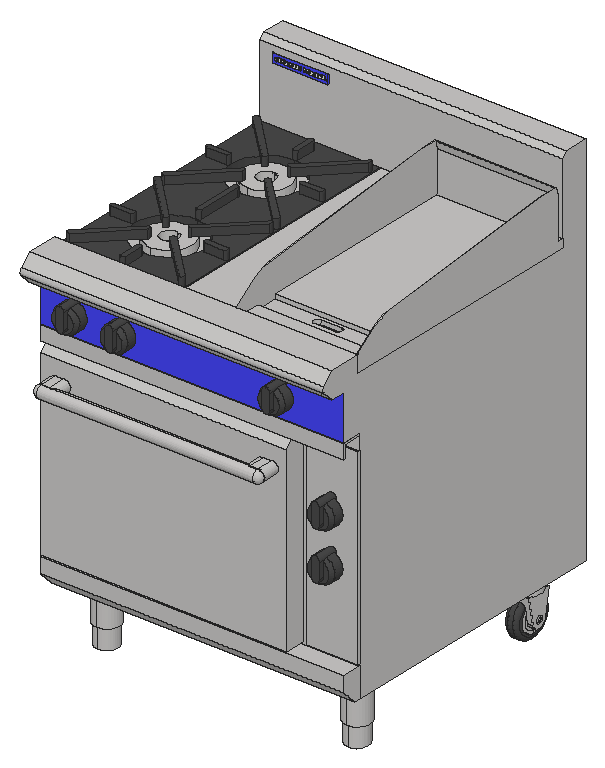
Revit family "QF_MOFFAT_BLUESEAL_CE_GE505C", category Specialty Equipment, Revit 2012
Parameters
  Width = 750 mm  # constant formula
  Weight in Pounds = 401
  Watts = 5500 W
  Volts = 400 V
  URL Cutsheet = "www.moffat.com"
  URL = "www.moffat.com"
  Type Mark [instance] = ""
  Status [instance] = ""
  Specification by User [instance] = ""
  Specification by Manufacturer = ""
  Show Logo [instance] = yes
  Show Clearance [instance] = yes
  Show Casters [instance] = yes
  Serial Number = ""
  Seismic Rating = ""
  SMACNA No = ""
  Revision Code [instance] = ""
  Phase = 3
  Omniclass Number and Title = ""
  Number of Poles [instance] = 1
  NAFEM Spec ID Number = ""
  Model = "GE505C"
  Min Ckt Ampacity = 0 A
  Mechanical Remarks [instance] = ""
  Mechanical Connection Type [instance] = ""
  Max Overcurrent Protection = 0 A
  Masterspec = ""
  Manufacturer = "MOFFAT BLUESEAL"
  Legs [instance] = not(Show Casters)  # no
  Item Number [instance] = ""
  Installed By [instance] = ""
  Identify Quantity as Lot [instance] = yes
  Height = 1085 mm  # constant formula
  HP = ""
  Gas Size = 3/4"
  Gas RI Height [instance] = 0 mm
  Gas KW [instance] = 21.1
  Gas Input [instance] = 72034.0 Btu/h
  Gas Connection Height = 0 mm
  Furnished By [instance] = ""
  Foodservice Equipment Identifier [instance] = yes
  FL Amps = 7.8 A
  Electrical Remarks = "7.8A PER PHASE"
  Electric Connection Type = ""
  Elec Conn RI Height = 0 mm
  Elec Conn Connection Height = 0 mm
  Description = "750MM GAS RANGE WITH ELECTRIC STATIC OVEN"
  Depth = 812 mm  # constant formula
  Cycle = 50 Hz
  Conn Plug = ""
  Conn Conduit = yes
  CSI MasterFormat = ""
  CSI Master Format = ""
  Apparent Power = 0 VA
Reference planes
  plane 1 "BACK": y = 0
  plane 2: z = 0
  plane 3 "LEFT": x = 0
  plane 4 "RIGHT": x = 750
  plane 5 "FRONT": y = -812
  plane 6 "TOP": z = 970
  plane 7 "Center Y": x = 375
  plane 8 "Center X": y = -406
  plane 9: y = -100
  plane 10 "Base Height": z = 150
  plane 11: x = 65.8
  plane 12: x = 620
  plane 13: x = 685
  plane 14: y = -500
  plane 15: x = 676
  plane 16: z = 1085
Forms (mm)
  Extrusion 1, solid, material "QF_Finishes_Stainless Steel"
    sketch origin (0, 0, 0) x (0, 1, 0) y (0, 0, 1)
      loop
        line (-784.97, 850) -> (-749, 850) -> (-749, 740) -> (-699, 740) -> (-699, 150) -> (0, 150) -> (0, 1085) -> (-57.5, 1085) -> (-70, 1072.5) -> (-70, 875) -> (-705, 875) -> (-705, 915) -> (-783.97, 915) -> (-808.469, 890.501)
        arc (-808.469, 890.501) -> (-811.99, 882) -> (-808.469, 873.499) r 12.022
        line (-808.469, 873.499) -> (-784.97, 850)
    from 0 to 750
  Extrusion 2, solid, material "QF_Finishes_Stainless Steel"
    sketch origin (555.062, 3, 100) x (1, 0, 0) y (0, 1, 0)
      loop
        circle (65, -35) r 13.5
    from 555 to 640
  Revolve 3, solid, material "QF_Finishes_Stainless Steel"
    sketch origin (65, -728, 0) x (0, 1, 0) y (0, 0, 1)
      loop
        line (71.25, 150) -> (71.25, 50) -> (75.5, 50) -> (75.5, 0) -> (103, 0) -> (103, 150) -> (71.25, 150)
      axis (103, 150) -> (103, 0)
    angle from 0 to 360
  Extrusion 4, solid, material "QF_Finishes_Black"
    sketch origin (0, -70, 875) x (0, -1, 0) y (1, 0, 0)
      loop
        arc (1, 4) -> (1.879, 1.879) -> (4, 1) r 3
        line (4, 1) -> (632, 1)
        arc (632, 1) -> (634.121, 1.879) -> (635, 4) r 3
        line (635, 4) -> (635, 297)
        arc (635, 297) -> (634.121, 299.121) -> (632, 300) r 3
        line (632, 300) -> (4, 300)
        arc (4, 300) -> (1.879, 299.121) -> (1, 297) r 3
        line (1, 297) -> (1, 4)
      loop
        circle (167.5, 150) r 85
      loop
        circle (467.768, 150) r 85
    from 0 to 19.5
  Extrusion 5, solid, material "QF_Finishes_Black"
    sketch origin (0, -73.5, 894.5) x (0, -1, 0) y (1, 0, 0)
      loop
        spline (323.602, 15.153) -> (322.681, 13.924) -> (322.131, 12.47) -> (321.99, 10.89) -> (322.267, 9.292) -> (322.943, 7.786) -> (323.973, 6.473) -> (325.286, 5.443) -> (326.792, 4.767) -> (328.39, 4.49) -> (329.97, 4.631) -> (331.424, 5.181) -> (332.653, 6.102)
        line (332.653, 6.102) -> (440.576, 114.025)
        spline (440.576, 114.025) -> (441.337, 115.095) -> (441.738, 116.399) -> (441.751, 117.851) -> (441.375, 119.35) -> (440.637, 120.795) -> (439.586, 122.086) -> (438.295, 123.137) -> (436.85, 123.875) -> (435.351, 124.251) -> (433.899, 124.238) -> (432.595, 123.837) -> (431.525, 123.076)
        line (431.525, 123.076) -> (323.602, 15.153)
      loop
        spline (371.852, 143.6) -> (373.146, 143.818) -> (374.352, 144.457) -> (375.388, 145.475) -> (376.182, 146.8) -> (376.682, 148.344) -> (376.852, 150) -> (376.682, 151.656) -> (376.182, 153.2) -> (375.388, 154.525) -> (374.352, 155.543) -> (373.146, 156.182) -> (371.852, 156.4)
        line (371.852, 156.4) -> (259.398, 156.4)
        spline (259.398, 156.4) -> (258.104, 156.182) -> (256.898, 155.543) -> (255.862, 154.525) -> (255.068, 153.2) -> (254.568, 151.656) -> (254.398, 150) -> (254.568, 148.344) -> (255.068, 146.8) -> (255.862, 145.475) -> (256.898, 144.457) -> (258.104, 143.818) -> (259.398, 143.6)
        line (259.398, 143.6) -> (371.852, 143.6)
      loop
        line (311.398, 15.153) -> (203.475, 123.076)
        spline (203.475, 123.076) -> (202.405, 123.837) -> (201.101, 124.238) -> (199.649, 124.251) -> (198.15, 123.875) -> (196.705, 123.137) -> (195.414, 122.086) -> (194.363, 120.795) -> (193.625, 119.35) -> (193.249, 117.851) -> (193.262, 116.399) -> (193.663, 115.095) -> (194.424, 114.025)
        line (194.424, 114.025) -> (302.347, 6.102)
        spline (302.347, 6.102) -> (303.416, 5.341) -> (304.721, 4.941) -> (306.172, 4.928) -> (307.671, 5.303) -> (309.116, 6.041) -> (310.408, 7.092) -> (311.459, 8.384) -> (312.197, 9.829) -> (312.572, 11.328) -> (312.559, 12.779) -> (312.159, 14.084) -> (311.398, 15.153)
      loop
        line (323.602, 284.847) -> (431.525, 176.924)
        spline (431.525, 176.924) -> (432.595, 176.163) -> (433.899, 175.762) -> (435.351, 175.749) -> (436.85, 176.125) -> (438.295, 176.863) -> (439.586, 177.914) -> (440.637, 179.205) -> (441.375, 180.65) -> (441.751, 182.149) -> (441.738, 183.601) -> (441.337, 184.905) -> (440.576, 185.975)
        line (440.576, 185.975) -> (332.653, 293.898)
        spline (332.653, 293.898) -> (331.424, 294.819) -> (329.97, 295.369) -> (328.39, 295.51) -> (326.792, 295.233) -> (325.286, 294.557) -> (323.973, 293.527) -> (322.943, 292.214) -> (322.267, 290.708) -> (321.99, 289.11) -> (322.131, 287.53) -> (322.681, 286.076) -> (323.602, 284.847)
      loop
        spline (311.398, 284.847) -> (312.159, 285.916) -> (312.559, 287.221) -> (312.572, 288.672) -> (312.197, 290.171) -> (311.459, 291.616) -> (310.408, 292.908) -> (309.116, 293.959) -> (307.671, 294.697) -> (306.172, 295.072) -> (304.721, 295.059) -> (303.416, 294.659) -> (302.347, 293.898)
        line (302.347, 293.898) -> (194.424, 185.975)
        spline (194.424, 185.975) -> (193.663, 184.905) -> (193.262, 183.601) -> (193.249, 182.149) -> (193.625, 180.65) -> (194.363, 179.205) -> (195.414, 177.914) -> (196.705, 176.863) -> (198.15, 176.125) -> (199.649, 175.749) -> (201.101, 175.762) -> (202.405, 176.163) -> (203.475, 176.924)
        line (203.475, 176.924) -> (311.398, 284.847)
      loop
        spline (73.549, 143.6) -> (74.844, 143.818) -> (76.049, 144.457) -> (77.085, 145.475) -> (77.88, 146.8) -> (78.379, 148.344) -> (78.549, 150) -> (78.379, 151.656) -> (77.88, 153.2) -> (77.085, 154.525) -> (76.049, 155.543) -> (74.844, 156.182) -> (73.549, 156.4)
        line (73.549, 156.4) -> (25.093, 156.4)
        spline (25.093, 156.4) -> (23.799, 156.182) -> (22.593, 155.543) -> (21.558, 154.525) -> (20.763, 153.2) -> (20.264, 151.656) -> (20.093, 150) -> (20.264, 148.344) -> (20.763, 146.8) -> (21.558, 145.475) -> (22.593, 144.457) -> (23.799, 143.818) -> (25.093, 143.6)
        line (25.093, 143.6) -> (73.549, 143.6)
      loop
        spline (608.1, 143.6) -> (609.394, 143.818) -> (610.6, 144.457) -> (611.636, 145.475) -> (612.43, 146.8) -> (612.93, 148.344) -> (613.1, 150) -> (612.93, 151.656) -> (612.43, 153.2) -> (611.636, 154.525) -> (610.6, 155.543) -> (609.394, 156.182) -> (608.1, 156.4)
        line (608.1, 156.4) -> (558.644, 156.4)
        spline (558.644, 156.4) -> (557.35, 156.182) -> (556.144, 155.543) -> (555.108, 154.525) -> (554.314, 153.2) -> (553.814, 151.656) -> (553.644, 150) -> (553.814, 148.344) -> (554.314, 146.8) -> (555.108, 145.475) -> (556.144, 144.457) -> (557.35, 143.818) -> (558.644, 143.6)
        line (558.644, 143.6) -> (608.1, 143.6)
      loop
        spline (457.6, 10.156) -> (457.818, 8.862) -> (458.457, 7.656) -> (459.475, 6.62) -> (460.8, 5.826) -> (462.344, 5.326) -> (464, 5.156) -> (465.656, 5.326) -> (467.2, 5.826) -> (468.525, 6.62) -> (469.543, 7.656) -> (470.182, 8.862) -> (470.4, 10.156)
        line (470.4, 10.156) -> (470.4, 58.612)
        spline (470.4, 58.612) -> (470.182, 59.906) -> (469.543, 61.112) -> (468.525, 62.148) -> (467.2, 62.942) -> (465.656, 63.442) -> (464, 63.612) -> (462.344, 63.442) -> (460.8, 62.942) -> (459.475, 62.148) -> (458.457, 61.112) -> (457.818, 59.906) -> (457.6, 58.612)
        line (457.6, 58.612) -> (457.6, 10.156)
      loop
        spline (160.966, 10.156) -> (161.184, 8.862) -> (161.823, 7.656) -> (162.841, 6.62) -> (164.166, 5.826) -> (165.71, 5.326) -> (167.366, 5.156) -> (169.022, 5.326) -> (170.566, 5.826) -> (171.892, 6.62) -> (172.909, 7.656) -> (173.548, 8.862) -> (173.766, 10.156)
        line (173.766, 10.156) -> (173.766, 58.612)
        spline (173.766, 58.612) -> (173.548, 59.906) -> (172.909, 61.112) -> (171.892, 62.148) -> (170.566, 62.942) -> (169.022, 63.442) -> (167.366, 63.612) -> (165.71, 63.442) -> (164.166, 62.942) -> (162.841, 62.148) -> (161.823, 61.112) -> (161.184, 59.906) -> (160.966, 58.612)
        line (160.966, 58.612) -> (160.966, 10.156)
      loop
        spline (457.6, 241.636) -> (457.818, 240.342) -> (458.457, 239.136) -> (459.475, 238.1) -> (460.8, 237.306) -> (462.344, 236.806) -> (464, 236.636) -> (465.656, 236.806) -> (467.2, 237.306) -> (468.525, 238.1) -> (469.543, 239.136) -> (470.182, 240.342) -> (470.4, 241.636)
        line (470.4, 241.636) -> (470.4, 290.092)
        spline (470.4, 290.092) -> (470.182, 291.386) -> (469.543, 292.592) -> (468.525, 293.628) -> (467.2, 294.422) -> (465.656, 294.922) -> (464, 295.092) -> (462.344, 294.922) -> (460.8, 294.422) -> (459.475, 293.628) -> (458.457, 292.592) -> (457.818, 291.386) -> (457.6, 290.092)
        line (457.6, 290.092) -> (457.6, 241.636)
      loop
        spline (160.966, 241.636) -> (161.184, 240.342) -> (161.823, 239.136) -> (162.841, 238.1) -> (164.166, 237.306) -> (165.71, 236.806) -> (167.366, 236.636) -> (169.022, 236.806) -> (170.566, 237.306) -> (171.892, 238.1) -> (172.909, 239.136) -> (173.548, 240.342) -> (173.766, 241.636)
        line (173.766, 241.636) -> (173.766, 290.092)
        spline (173.766, 290.092) -> (173.548, 291.386) -> (172.909, 292.592) -> (171.892, 293.628) -> (170.566, 294.422) -> (169.022, 294.922) -> (167.366, 295.092) -> (165.71, 294.922) -> (164.166, 294.422) -> (162.841, 293.628) -> (161.823, 292.592) -> (161.184, 291.386) -> (160.966, 290.092)
        line (160.966, 290.092) -> (160.966, 241.636)
      loop
        line (604.398, 15.153) -> (496.475, 123.076)
        spline (496.475, 123.076) -> (495.405, 123.837) -> (494.101, 124.238) -> (492.649, 124.251) -> (491.15, 123.875) -> (489.705, 123.137) -> (488.414, 122.086) -> (487.363, 120.795) -> (486.625, 119.35) -> (486.249, 117.851) -> (486.262, 116.399) -> (486.663, 115.095) -> (487.424, 114.025)
        line (487.424, 114.025) -> (595.347, 6.102)
        spline (595.347, 6.102) -> (596.576, 5.181) -> (598.03, 4.631) -> (599.61, 4.49) -> (601.208, 4.767) -> (602.714, 5.443) -> (604.027, 6.473) -> (605.057, 7.786) -> (605.733, 9.292) -> (606.01, 10.89) -> (605.869, 12.47) -> (605.319, 13.924) -> (604.398, 15.153)
      loop
        spline (604.398, 284.847) -> (605.319, 286.076) -> (605.869, 287.53) -> (606.01, 289.11) -> (605.733, 290.708) -> (605.057, 292.214) -> (604.027, 293.527) -> (602.714, 294.557) -> (601.208, 295.233) -> (599.61, 295.51) -> (598.03, 295.369) -> (596.576, 294.819) -> (595.347, 293.898)
        line (595.347, 293.898) -> (487.424, 185.975)
        spline (487.424, 185.975) -> (486.663, 184.905) -> (486.262, 183.601) -> (486.249, 182.149) -> (486.625, 180.65) -> (487.363, 179.205) -> (488.414, 177.914) -> (489.705, 176.863) -> (491.15, 176.125) -> (492.649, 175.749) -> (494.101, 175.762) -> (495.405, 176.163) -> (496.475, 176.924)
        line (496.475, 176.924) -> (604.398, 284.847)
      loop
        spline (16.602, 15.153) -> (15.841, 14.084) -> (15.441, 12.779) -> (15.428, 11.328) -> (15.803, 9.829) -> (16.541, 8.384) -> (17.592, 7.092) -> (18.884, 6.041) -> (20.329, 5.303) -> (21.828, 4.928) -> (23.279, 4.941) -> (24.584, 5.341) -> (25.653, 6.102)
        line (25.653, 6.102) -> (133.576, 114.025)
        spline (133.576, 114.025) -> (134.337, 115.095) -> (134.738, 116.399) -> (134.751, 117.851) -> (134.375, 119.35) -> (133.637, 120.795) -> (132.586, 122.086) -> (131.295, 123.137) -> (129.85, 123.875) -> (128.351, 124.251) -> (126.899, 124.238) -> (125.595, 123.837) -> (124.525, 123.076)
        line (124.525, 123.076) -> (16.602, 15.153)
      loop
        line (16.602, 284.847) -> (124.525, 176.924)
        spline (124.525, 176.924) -> (125.595, 176.163) -> (126.899, 175.762) -> (128.351, 175.749) -> (129.85, 176.125) -> (131.295, 176.863) -> (132.586, 177.914) -> (133.637, 179.205) -> (134.375, 180.65) -> (134.751, 182.149) -> (134.738, 183.601) -> (134.337, 184.905) -> (133.576, 185.975)
        line (133.576, 185.975) -> (25.653, 293.898)
        spline (25.653, 293.898) -> (24.584, 294.659) -> (23.279, 295.059) -> (21.828, 295.072) -> (20.329, 294.697) -> (18.884, 293.959) -> (17.592, 292.908) -> (16.541, 291.616) -> (15.803, 290.171) -> (15.428, 288.672) -> (15.441, 287.221) -> (15.841, 285.916) -> (16.602, 284.847)
    from 0 to 20.5
  Revolve 6, solid, material "QF_Finishes_Stainless Steel"
    sketch origin (685, -728, 0) x (0, 1, 0) y (0, 0, -1)
      loop
        line (71.25, -150) -> (103, -150) -> (103, 0) -> (75.5, 0) -> (75.5, -50) -> (71.25, -50) -> (71.25, -150)
      axis (103, -150) -> (103, 0)
    angle from 0 to 360
  Extrusion 7, solid, material "QF_Finishes_Stainless Steel"
    sketch origin (0, -70, 875) x (0, -1, 0) y (1, 0, 0)
      loop
        line (634, 300) -> (634, 450) -> (0, 450) -> (0, 300) -> (634, 300)
    from 0 to 19.5
  Extrusion 8, void
    sketch origin (0, -749, 227.5) x (0, 0, -1) y (-1, 0, 0)
      loop
        line (-465, -610) -> (-465, -625) -> (0, -625) -> (0, -610) -> (-465, -610)
    from 0 to 50
  Revolve 9, solid, material "QF_Finishes_Black"
    sketch origin (210, 7, 758.895) x (0, -1, 0) y (0, 0, 1)
      loop
        line (789, 69.605) -> (766, 69.605) -> (766, 42.105) -> (756, 42.105) -> (756, 37.105) -> (800, 37.105) -> (800, 63.757) -> (789, 69.605)
      axis (800, 37.105) -> (756, 37.105)
    angle from 0 to 360
  Revolve 10, solid, material "QF_Finishes_Black"
    sketch origin (89.999, 7, 758.768) x (0, 1, 0) y (0, 0, -1)
      loop
        line (-789, -69.5) -> (-766, -69.5) -> (-766, -42) -> (-756, -42) -> (-756, -37) -> (-800, -37) -> (-800, -63.651) -> (-789, -69.5)
      axis (-800, -37) -> (-756, -37)
    angle from 0 to 360
  Extrusion 11, solid, material "QF_Finishes_Black"
    sketch origin (228.269, 7, 758.926) x (-1, 0, 0) y (0, 0, -1)
      loop
        arc (148.269, -24.969) -> (138.269, -14.969) -> (128.269, -24.969) r 10
        line (128.269, -24.969) -> (128.269, -63.969)
        arc (128.269, -63.969) -> (138.269, -73.969) -> (148.269, -63.969) r 10
        line (148.269, -63.969) -> (148.269, -24.969)
    from 759 to 808
  Extrusion 12, solid, material "QF_Finishes_Black"
    sketch origin (349.45, 7, 758.926) x (-1, 0, 0) y (0, 0, -1)
      loop
        arc (148.269, -24.969) -> (138.269, -14.969) -> (128.269, -24.969) r 10
        line (128.269, -24.969) -> (128.269, -63.969)
        arc (128.269, -63.969) -> (138.269, -73.969) -> (148.269, -63.969) r 10
        line (148.269, -63.969) -> (148.269, -24.969)
    from 759 to 808
  Revolve 13, solid, material "QF_Finishes_Black"
    sketch origin (600, 7, 758.895) x (0, -1, 0) y (0, 0, -1)
      loop
        line (789, -69.605) -> (800, -63.757) -> (800, -37.105) -> (756, -37.105) -> (756, -42.105) -> (766, -42.105) -> (766, -69.605) -> (789, -69.605)
      axis (800, -37.105) -> (756, -37.105)
    angle from 0 to 360
  Extrusion 14, solid, material "QF_Finishes_Black"
    sketch origin (461.731, 7, 758.926) x (1, 0, 0) y (0, 0, 1)
      loop
        line (148.269, 24.969) -> (148.269, 63.969)
        arc (148.269, 63.969) -> (138.269, 73.969) -> (128.269, 63.969) r 10
        line (128.269, 63.969) -> (128.269, 24.969)
        arc (128.269, 24.969) -> (138.269, 14.969) -> (148.269, 24.969) r 10
    from 759 to 808
  Revolve 15, solid, material "QF_Finishes_Black"
    sketch origin (687.53, 51.5, 355.134) x (0, 1, 0) y (0, 0, 1)
      loop
        line (-789, 229.5) -> (-800, 223.651) -> (-800, 197) -> (-756, 197) -> (-756, 202) -> (-766, 202) -> (-766, 229.5) -> (-789, 229.5)
      axis (-800, 197) -> (-756, 197)
    angle from 0 to 360
  Extrusion 16, solid, material "QF_Finishes_Black"
    sketch origin (549.26, 51.5, 355.292) x (1, 0, 0) y (0, 0, 1)
      loop
        line (148.269, 184.969) -> (148.269, 223.969)
        arc (148.269, 223.969) -> (138.269, 233.969) -> (128.269, 223.969) r 10
        line (128.269, 223.969) -> (128.269, 184.969)
        arc (128.269, 184.969) -> (138.269, 174.969) -> (148.269, 184.969) r 10
    from 759 to 808
  Extrusion 17, solid, material "QF_Door-Drawer Clearances", visible <- "Show Clearance", detail levels coarse
    sketch origin (0, 7, 0) x (0, -1, 0) y (0, 0, 1)
      loop
        line (756, 690.016) -> (756, 227.5) -> (1218.516, 227.5)
        arc (1218.516, 227.5) -> (1083.048, 554.548) -> (756, 690.016) r 462.516
    from 0 to -610
  Extrusion 18, void
    sketch origin (0, 0, 150) x (-1, 0, 0) y (0, -1, 0)
      loop
        line (-681, 87.26) -> (-681, -30.24) -> (-551.5, -30.24) -> (-551.5, 38.76) -> (-600, 87.26) -> (-681, 87.26)
    from 72.5 to 590
  Extrusion 19, void
    sketch origin (35, -740, 227.5) x (0, 0, -1) y (-1, 0, 0)
      loop
        line (-472.5, -590) -> (-472.5, -715) -> (0, -715) -> (0, -590) -> (-472.5, -590)
    from -9 to 35
  Extrusion 20, solid, material "QF_Finishes_Stainless Steel"
    sketch origin (0, -70, 875) x (0, -1, 0) y (1, 0, 0)
      loop
        circle (467.5, 150) r 57
      loop
        circle (167.5, 150) r 57
      loop
        circle (467.5, 150) r 22
      loop
        circle (167.5, 150) r 22
    from 0 to 19.5
  Extrusion 21, solid, material "QF_Finishes_Stainless Steel"
    sketch origin (0, -749, 227.5) x (0, 0, 1) y (-1, 0, 0)
      loop
        line (380.625, -38.246) -> (380.625, -58.528)
        arc (380.625, -58.528) -> (395.625, -73.528) -> (410.625, -58.528) r 15
        line (410.625, -58.528) -> (410.625, -38.246)
        arc (410.625, -38.246) -> (395.625, -23.246) -> (380.625, -38.246) r 15
      loop
        arc (380.625, -573.039) -> (395.625, -588.039) -> (410.625, -573.039) r 15
        line (410.625, -573.039) -> (410.625, -552.757)
        arc (410.625, -552.757) -> (395.625, -537.757) -> (380.625, -552.757) r 15
        line (380.625, -552.757) -> (380.625, -573.039)
    from 0 to 44
  Revolve 22, solid, material "QF_Finishes_Stainless Steel"
    sketch origin (0, -793, 0) x (1, 0, 0) y (0, 0, 1)
      loop
        arc (588.039, 623.125) -> (583.646, 633.732) -> (573.039, 638.125) r 15
        line (573.039, 638.125) -> (38.246, 638.125)
        arc (38.246, 638.125) -> (27.64, 633.732) -> (23.246, 623.125) r 15
        line (23.246, 623.125) -> (588.039, 623.125)
      axis (588.039, 623.125) -> (23.246, 623.125)
    angle from 0 to 360
  Extrusion 23, solid, material "QF_Finishes_Stainless Steel"
    sketch origin (0, 9, 0) x (0, 1, 0) y (0, 0, 1)
      loop
        line (-708, 227.5) -> (-708, 700) -> (-734, 700) -> (-758, 676) -> (-758, 227.5) -> (-708, 227.5)
    from 0 to 750
  Extrusion 24, solid, material "QF_Finishes_Stainless Steel"
    sketch origin (0, 7, 0) x (0, 1, 0) y (0, 0, 1)
      loop
        line (-756, 738) -> (-756, 703) -> (-752.98, 703) -> (-752.98, 735) -> (-708, 735) -> (-708, 738) -> (-756, 738)
    from 0 to 750
  Extrusion 25, solid, material "QF_Finishes_Stainless Steel"
    sketch origin (0, 9, 0) x (0, 1, 0) y (0, 0, 1)
      loop
        line (-708, 222.5) -> (-758, 222.5) -> (-758, 186) -> (-722, 150) -> (-708, 150) -> (-708, 222.5)
    from 0 to 750
  Extrusion 26, solid, material "QF_Finishes_Stainless Steel"
    sketch origin (0, 0, 150) x (-1, 0, 0) y (0, -1, 0)
      loop
        circle (-676, 501) r 6.35
    from 0 to -1.6
  Extrusion 27, solid, material "QF_Finishes_Stainless Steel", visible <- "Show Casters"
    sketch origin (71.501, 133.353, -8.783) x (0, 1, 0) y (0, 0, 1)
      loop
        line (-201.603, 118.783) -> (-265.103, 118.783) -> (-252.746, 53.895)
        arc (-252.746, 53.895) -> (-233.353, 38.783) -> (-213.959, 53.895) r 20
        line (-213.959, 53.895) -> (-201.603, 118.783)
    from -35.667 to 22.923
  Revolve 28, solid, material "QF_Finishes_Stainless Steel", visible <- "Show Casters"
    sketch origin (65, -203, 0) x (0, 1, 0) y (0, 0, 1)
      loop
        line (67.25, 150) -> (67.25, 110) -> (103, 110) -> (103, 150) -> (67.25, 150)
      axis (103, 150) -> (103, 110)
    angle from 0 to 360
  Revolve 29, solid, material "QF_Finishes_Stainless Steel", visible <- "Show Casters"
    sketch origin (685, -203, 0) x (0, 1, 0) y (0, 0, -1)
      loop
        line (67.25, -150) -> (103, -150) -> (103, -110) -> (67.25, -110) -> (67.25, -150)
      axis (103, -150) -> (103, -110)
    angle from 0 to 360
  Revolve 30, solid, material "QF_Finishes_Stainless Steel", visible <- "Show Casters"
    sketch origin (635.776, -99.755, -13.653) x (1, 0, 0) y (0, 0, 1)
      loop
        line (14.841, 64.453) -> (83.584, 64.453) -> (83.584, 67.958) -> (82.314, 69.228) -> (80.79, 69.228) -> (80.79, 72.674) -> (68.644, 72.674) -> (68.644, 82.639) -> (65.088, 84.692) -> (63.738, 93.028) -> (65.881, 93.028) -> (65.881, 99.378) -> (65.088, 99.378) -> (65.088, 105.728)
        arc (65.088, 105.728) -> (62.298, 112.463) -> (55.563, 115.253) r 9.525
        line (55.563, 115.253) -> (42.863, 115.253)
        arc (42.863, 115.253) -> (36.127, 112.463) -> (33.338, 105.728) r 9.525
        line (33.338, 105.728) -> (33.338, 99.378) -> (32.544, 99.378) -> (32.544, 93.028) -> (34.687, 93.028) -> (33.352, 84.781) -> (29.782, 82.719) -> (29.782, 72.674) -> (17.635, 72.674) -> (17.635, 69.228) -> (16.111, 69.228) -> (14.841, 67.958) -> (14.841, 64.453)
      axis (14.841, 64.453) -> (83.584, 64.453)
    angle from 0 to 360
  Extrusion 31, solid, material "QF_Finishes_Stainless Steel", visible <- "Show Casters"
    sketch origin (691.501, 133.353, -8.783) x (0, 1, 0) y (0, 0, 1)
      loop
        line (-201.603, 118.783) -> (-265.103, 118.783) -> (-252.746, 53.895)
        arc (-252.746, 53.895) -> (-233.353, 38.783) -> (-213.959, 53.895) r 20
        line (-213.959, 53.895) -> (-201.603, 118.783)
    from -35.667 to 22.923
  Revolve 32, solid, material "QF_Finishes_Stainless Steel", visible <- "Legs"
    sketch origin (65, -165, 0) x (0, 1, 0) y (0, 0, 1)
      loop
        line (33.25, 150) -> (33.25, 50) -> (37.5, 50) -> (37.5, 0) -> (65, 0) -> (65, 150) -> (33.25, 150)
      axis (65, 150) -> (65, 0)
    angle from 0 to 360
  Revolve 33, solid, material "QF_Finishes_Stainless Steel", visible <- "Legs"
    sketch origin (685, -165, 0) x (0, 1, 0) y (0, 0, -1)
      loop
        line (33.25, -150) -> (65, -150) -> (65, 0) -> (37.5, 0) -> (37.5, -50) -> (33.25, -50) -> (33.25, -150)
      axis (65, -150) -> (65, 0)
    angle from 0 to 360
  Revolve 34, solid, material "QF_Finishes_Stainless Steel", visible <- "Show Casters"
    sketch origin (114.224, -99.755, -13.653) x (-1, 0, 0) y (0, 0, -1)
      loop
        line (14.841, -64.453) -> (14.841, -67.958) -> (16.111, -69.228) -> (17.635, -69.228) -> (17.635, -72.674) -> (29.782, -72.674) -> (29.782, -82.719) -> (33.352, -84.781) -> (34.687, -93.028) -> (32.544, -93.028) -> (32.544, -99.378) -> (33.338, -99.378) -> (33.338, -105.728)
        arc (33.338, -105.728) -> (36.127, -112.463) -> (42.863, -115.253) r 9.525
        line (42.863, -115.253) -> (55.563, -115.253)
        arc (55.563, -115.253) -> (62.298, -112.463) -> (65.088, -105.728) r 9.525
        line (65.088, -105.728) -> (65.088, -99.378) -> (65.881, -99.378) -> (65.881, -93.028) -> (63.738, -93.028) -> (65.088, -84.692) -> (68.644, -82.639) -> (68.644, -72.674) -> (80.79, -72.674) -> (80.79, -69.228) -> (82.314, -69.228) -> (83.584, -67.958) -> (83.584, -64.453) -> (14.841, -64.453)
      axis (14.841, -64.453) -> (83.584, -64.453)
    angle from 0 to 360
  Revolve 35, solid, material "QF_Finishes_Black"
    sketch origin (687.53, 51.5, 235.134) x (0, 1, 0) y (0, 0, 1)
      loop
        line (-789, 229.5) -> (-800, 223.651) -> (-800, 197) -> (-756, 197) -> (-756, 202) -> (-766, 202) -> (-766, 229.5) -> (-789, 229.5)
      axis (-800, 197) -> (-756, 197)
    angle from 0 to 360
  Extrusion 36, solid, material "QF_Finishes_Black"
    sketch origin (549.26, 51.5, 235.292) x (1, 0, 0) y (0, 0, 1)
      loop
        line (148.269, 184.969) -> (148.269, 223.969)
        arc (148.269, 223.969) -> (138.269, 233.969) -> (128.269, 223.969) r 10
        line (128.269, 223.969) -> (128.269, 184.969)
        arc (128.269, 184.969) -> (138.269, 174.969) -> (148.269, 184.969) r 10
    from 759 to 808
Cuts and joins
  Extrusion 8, Extrusion 18, Extrusion 19 cuts Extrusion 1
  Extrusion 8, Extrusion 19 cuts Extrusion 23
Lines and regions (mm)
  Split face 1
    outline origin (0, -70, 894.5) x (0, -1, 0) y (1, 0, 0)
      loop
        circle (45.037, 327.576) r 8
  Split face 2
    outline origin (47.424, -70, 894.5) x (0, -1, 0) y (1, 0, 0)
      loop
        circle (45.037, 327.576) r 8
  Split face 3
    outline origin (750, -70, 894.5) x (0, -1, 0) y (1, 0, 0)
      loop
        circle (45.037, -327.576) r 8
  Split face 4
    outline origin (0, -104, 894.5) x (0, -1, 0) y (1, 0, 0)
      loop
        circle (45.037, 327.576) r 8
  Split face 5
    outline origin (47.424, -104, 894.5) x (0, -1, 0) y (1, 0, 0)
      loop
        circle (45.037, 327.576) r 8
  Split face 6
    outline origin (750, -104, 894.5) x (0, -1, 0) y (1, 0, 0)
      loop
        circle (45.037, -327.576) r 8
  Split face 7
    outline origin (0, -138, 894.5) x (0, -1, 0) y (1, 0, 0)
      loop
        circle (45.037, 327.576) r 8
  Split face 8
    outline origin (47.424, -138, 894.5) x (0, -1, 0) y (1, 0, 0)
      loop
        circle (45.037, 327.576) r 8
  Split face 9
    outline origin (750, -138, 894.5) x (0, -1, 0) y (1, 0, 0)
      loop
        circle (45.037, -327.576) r 8
  Split face 10
    outline origin (0, -172, 894.5) x (0, -1, 0) y (1, 0, 0)
      loop
        circle (45.037, 327.576) r 8
  Split face 11
    outline origin (47.424, -172, 894.5) x (0, -1, 0) y (1, 0, 0)
      loop
        circle (45.037, 327.576) r 8
  Split face 12
    outline origin (750, -172, 894.5) x (0, -1, 0) y (1, 0, 0)
      loop
        circle (45.037, -327.576) r 8
  Split face 13
    outline origin (0, -206, 894.5) x (0, -1, 0) y (1, 0, 0)
      loop
        circle (45.037, 327.576) r 8
  Split face 14
    outline origin (47.424, -206, 894.5) x (0, -1, 0) y (1, 0, 0)
      loop
        circle (45.037, 327.576) r 8
  Split face 15
    outline origin (750, -206, 894.5) x (0, -1, 0) y (1, 0, 0)
      loop
        circle (45.037, -327.576) r 8
  Split face 16
    outline origin (0, -240, 894.5) x (0, -1, 0) y (1, 0, 0)
      loop
        circle (45.037, 327.576) r 8
  Split face 17
    outline origin (47.424, -240, 894.5) x (0, -1, 0) y (1, 0, 0)
      loop
        circle (45.037, 327.576) r 8
  Split face 18
    outline origin (750, -240, 894.5) x (0, -1, 0) y (1, 0, 0)
      loop
        circle (45.037, -327.576) r 8
  Split face 19
    outline origin (0, -274, 894.5) x (0, -1, 0) y (1, 0, 0)
      loop
        circle (45.037, 327.576) r 8
  Split face 20
    outline origin (47.424, -274, 894.5) x (0, -1, 0) y (1, 0, 0)
      loop
        circle (45.037, 327.576) r 8
  Split face 21
    outline origin (750, -274, 894.5) x (0, -1, 0) y (1, 0, 0)
      loop
        circle (45.037, -327.576) r 8
  Split face 22
    outline origin (0, -308, 894.5) x (0, -1, 0) y (1, 0, 0)
      loop
        circle (45.037, 327.576) r 8
  Split face 23
    outline origin (47.424, -308, 894.5) x (0, -1, 0) y (1, 0, 0)
      loop
        circle (45.037, 327.576) r 8
  Split face 24
    outline origin (750, -308, 894.5) x (0, -1, 0) y (1, 0, 0)
      loop
        circle (45.037, -327.576) r 8
  Split face 25
    outline origin (0, -342, 894.5) x (0, -1, 0) y (1, 0, 0)
      loop
        circle (45.037, 327.576) r 8
  Split face 26
    outline origin (47.424, -342, 894.5) x (0, -1, 0) y (1, 0, 0)
      loop
        circle (45.037, 327.576) r 8
  Split face 27
    outline origin (750, -342, 894.5) x (0, -1, 0) y (1, 0, 0)
      loop
        circle (45.037, -327.576) r 8
  Split face 28
    outline origin (0, -376, 894.5) x (0, -1, 0) y (1, 0, 0)
      loop
        circle (45.037, 327.576) r 8
  Split face 29
    outline origin (47.424, -376, 894.5) x (0, -1, 0) y (1, 0, 0)
      loop
        circle (45.037, 327.576) r 8
  Split face 30
    outline origin (750, -376, 894.5) x (0, -1, 0) y (1, 0, 0)
      loop
        circle (45.037, -327.576) r 8
  Split face 31
    outline origin (0, -410, 894.5) x (0, -1, 0) y (1, 0, 0)
      loop
        circle (45.037, 327.576) r 8
  Split face 32
    outline origin (47.424, -410, 894.5) x (0, -1, 0) y (1, 0, 0)
      loop
        circle (45.037, 327.576) r 8
  Split face 33
    outline origin (750, -410, 894.5) x (0, -1, 0) y (1, 0, 0)
      loop
        circle (45.037, -327.576) r 8
  Split face 34
    outline origin (0, -444, 894.5) x (0, -1, 0) y (1, 0, 0)
      loop
        circle (45.037, 327.576) r 8
  Split face 35
    outline origin (47.424, -444, 894.5) x (0, -1, 0) y (1, 0, 0)
      loop
        circle (45.037, 327.576) r 8
  Split face 36
    outline origin (750, -444, 894.5) x (0, -1, 0) y (1, 0, 0)
      loop
        circle (45.037, -327.576) r 8
  Split face 37
    outline origin (0, -478, 894.5) x (0, -1, 0) y (1, 0, 0)
      loop
        circle (45.037, 327.576) r 8
  Split face 38
    outline origin (47.424, -478, 894.5) x (0, -1, 0) y (1, 0, 0)
      loop
        circle (45.037, 327.576) r 8
  Split face 39
    outline origin (750, -478, 894.5) x (0, -1, 0) y (1, 0, 0)
      loop
        circle (45.037, -327.576) r 8
  Split face 40
    outline origin (0, -512, 894.5) x (0, -1, 0) y (1, 0, 0)
      loop
        circle (45.037, 327.576) r 8
  Split face 41
    outline origin (47.424, -512, 894.5) x (0, -1, 0) y (1, 0, 0)
      loop
        circle (45.037, 327.576) r 8
  Split face 42
    outline origin (750, -512, 894.5) x (0, -1, 0) y (1, 0, 0)
      loop
        circle (45.037, -327.576) r 8
  Split face 43
    outline origin (0, -546, 894.5) x (0, -1, 0) y (1, 0, 0)
      loop
        circle (45.037, 327.576) r 8
  Split face 44
    outline origin (47.424, -546, 894.5) x (0, -1, 0) y (1, 0, 0)
      loop
        circle (45.037, 327.576) r 8
  Split face 45
    outline origin (750, -546, 894.5) x (0, -1, 0) y (1, 0, 0)
      loop
        circle (45.037, -327.576) r 8
  Split face 46
    outline origin (0, -580, 894.5) x (0, -1, 0) y (1, 0, 0)
      loop
        circle (45.037, 327.576) r 8
  Split face 47
    outline origin (47.424, -580, 894.5) x (0, -1, 0) y (1, 0, 0)
      loop
        circle (45.037, 327.576) r 8
  Split face 48
    outline origin (750, -580, 894.5) x (0, -1, 0) y (1, 0, 0)
      loop
        circle (45.037, -327.576) r 8
  Split face 49
    outline origin (0, -614, 894.5) x (0, -1, 0) y (1, 0, 0)
      loop
        circle (45.037, 327.576) r 8
  Split face 50
    outline origin (47.424, -614, 894.5) x (0, -1, 0) y (1, 0, 0)
      loop
        circle (45.037, 327.576) r 8
  Split face 51
    outline origin (750, -614, 894.5) x (0, -1, 0) y (1, 0, 0)
      loop
        circle (45.037, -327.576) r 8
  Split face 52
    outline origin (750, 0, 1085) x (-1, 0, 0) y (0, -1, 0)
      loop
        arc (485.206, 45.385) -> (476.545, 40.385) -> (476.545, 30.385) r 10
        line (476.545, 30.385) -> (480.587, 23.385)
        arc (480.587, 23.385) -> (484.247, 19.725) -> (489.247, 18.385) r 10
        line (489.247, 18.385) -> (717.206, 18.385)
        arc (717.206, 18.385) -> (725.866, 23.385) -> (725.866, 33.385) r 10
        line (725.866, 33.385) -> (721.824, 40.385)
        arc (721.824, 40.385) -> (718.164, 44.045) -> (713.164, 45.385) r 10
        line (713.164, 45.385) -> (485.206, 45.385)
  Split face 53
    outline origin (750, 0, 1085) x (-1, 0, 0) y (0, -1, 0)
      loop
        arc (35.206, 45.385) -> (26.545, 40.385) -> (26.545, 30.385) r 10
        line (26.545, 30.385) -> (30.587, 23.385)
        arc (30.587, 23.385) -> (34.247, 19.725) -> (39.247, 18.385) r 10
        line (39.247, 18.385) -> (267.206, 18.385)
        arc (267.206, 18.385) -> (275.866, 23.385) -> (275.866, 33.385) r 10
        line (275.866, 33.385) -> (271.824, 40.385)
        arc (271.824, 40.385) -> (268.164, 44.045) -> (263.164, 45.385) r 10
        line (263.164, 45.385) -> (35.206, 45.385)
  symbolic lines
    curve 1: line (0, 0, 0) -> (0, -812, 0)
    curve 2: line (750, 0, 0) -> (0, 0, 0)
    curve 3: line (750, -812, 0) -> (750, 0, 0)
    curve 4: line (0, -812, 0) -> (750, -812, 0)
    curve 5: line (750, -705, 0) -> (0, -705, 0)
    curve 6: line (0, -70, 0) -> (750, -70, 0)
    curve 7: line (0, -391, 0) -> (300, -391, 0)
    curve 8: arc (327.576, -123.037, 0) -> (335.576, -115.037, 0) -> (327.576, -107.037, 0) r 8
    curve 9: arc (327.576, -107.037, 0) -> (319.576, -115.037, 0) -> (327.576, -123.037, 0) r 8
    curve 10: arc (375, -123.037, 0) -> (383, -115.037, 0) -> (375, -107.037, 0) r 8
    curve 11: arc (375, -107.037, 0) -> (367, -115.037, 0) -> (375, -123.037, 0) r 8
    curve 12: arc (422.424, -123.037, 0) -> (430.424, -115.037, 0) -> (422.424, -107.037, 0) r 8
    curve 13: arc (422.424, -107.037, 0) -> (414.424, -115.037, 0) -> (422.424, -123.037, 0) r 8
    curve 14: arc (327.576, -157.037, 0) -> (335.576, -149.037, 0) -> (327.576, -141.037, 0) r 8
    curve 15: arc (327.576, -141.037, 0) -> (319.576, -149.037, 0) -> (327.576, -157.037, 0) r 8
    curve 16: arc (375, -157.037, 0) -> (383, -149.037, 0) -> (375, -141.037, 0) r 8
    curve 17: arc (375, -141.037, 0) -> (367, -149.037, 0) -> (375, -157.037, 0) r 8
    curve 18: arc (422.424, -157.037, 0) -> (430.424, -149.037, 0) -> (422.424, -141.037, 0) r 8
    curve 19: arc (422.424, -141.037, 0) -> (414.424, -149.037, 0) -> (422.424, -157.037, 0) r 8
    curve 20: arc (327.576, -191.037, 0) -> (335.576, -183.037, 0) -> (327.576, -175.037, 0) r 8
    curve 21: arc (327.576, -175.037, 0) -> (319.576, -183.037, 0) -> (327.576, -191.037, 0) r 8
    curve 22: arc (375, -191.037, 0) -> (383, -183.037, 0) -> (375, -175.037, 0) r 8
    curve 23: arc (375, -175.037, 0) -> (367, -183.037, 0) -> (375, -191.037, 0) r 8
    curve 24: arc (422.424, -191.037, 0) -> (430.424, -183.037, 0) -> (422.424, -175.037, 0) r 8
    curve 25: arc (422.424, -175.037, 0) -> (414.424, -183.037, 0) -> (422.424, -191.037, 0) r 8
    curve 26: arc (327.576, -225.037, 0) -> (335.576, -217.037, 0) -> (327.576, -209.037, 0) r 8
    curve 27: arc (327.576, -209.037, 0) -> (319.576, -217.037, 0) -> (327.576, -225.037, 0) r 8
    curve 28: arc (375, -225.037, 0) -> (383, -217.037, 0) -> (375, -209.037, 0) r 8
    curve 29: arc (375, -209.037, 0) -> (367, -217.037, 0) -> (375, -225.037, 0) r 8
    curve 30: arc (422.424, -225.037, 0) -> (430.424, -217.037, 0) -> (422.424, -209.037, 0) r 8
    curve 31: arc (422.424, -209.037, 0) -> (414.424, -217.037, 0) -> (422.424, -225.037, 0) r 8
    curve 32: arc (327.576, -259.037, 0) -> (335.576, -251.037, 0) -> (327.576, -243.037, 0) r 8
    curve 33: arc (327.576, -243.037, 0) -> (319.576, -251.037, 0) -> (327.576, -259.037, 0) r 8
    curve 34: arc (375, -259.037, 0) -> (383, -251.037, 0) -> (375, -243.037, 0) r 8
    curve 35: arc (375, -243.037, 0) -> (367, -251.037, 0) -> (375, -259.037, 0) r 8
    curve 36: arc (422.424, -259.037, 0) -> (430.424, -251.037, 0) -> (422.424, -243.037, 0) r 8
    curve 37: arc (422.424, -243.037, 0) -> (414.424, -251.037, 0) -> (422.424, -259.037, 0) r 8
    curve 38: arc (327.576, -293.037, 0) -> (335.576, -285.037, 0) -> (327.576, -277.037, 0) r 8
    curve 39: arc (327.576, -277.037, 0) -> (319.576, -285.037, 0) -> (327.576, -293.037, 0) r 8
    curve 40: arc (375, -293.037, 0) -> (383, -285.037, 0) -> (375, -277.037, 0) r 8
    curve 41: arc (375, -277.037, 0) -> (367, -285.037, 0) -> (375, -293.037, 0) r 8
    curve 42: arc (422.424, -293.037, 0) -> (430.424, -285.037, 0) -> (422.424, -277.037, 0) r 8
    curve 43: arc (422.424, -277.037, 0) -> (414.424, -285.037, 0) -> (422.424, -293.037, 0) r 8
    curve 44: arc (327.576, -327.037, 0) -> (335.576, -319.037, 0) -> (327.576, -311.037, 0) r 8
    curve 45: arc (327.576, -311.037, 0) -> (319.576, -319.037, 0) -> (327.576, -327.037, 0) r 8
    curve 46: arc (375, -327.037, 0) -> (383, -319.037, 0) -> (375, -311.037, 0) r 8
    curve 47: arc (375, -311.037, 0) -> (367, -319.037, 0) -> (375, -327.037, 0) r 8
    curve 48: arc (422.424, -327.037, 0) -> (430.424, -319.037, 0) -> (422.424, -311.037, 0) r 8
    curve 49: arc (422.424, -311.037, 0) -> (414.424, -319.037, 0) -> (422.424, -327.037, 0) r 8
    curve 50: arc (327.576, -361.037, 0) -> (335.576, -353.037, 0) -> (327.576, -345.037, 0) r 8
    curve 51: arc (327.576, -345.037, 0) -> (319.576, -353.037, 0) -> (327.576, -361.037, 0) r 8
    curve 52: arc (375, -361.037, 0) -> (383, -353.037, 0) -> (375, -345.037, 0) r 8
    curve 53: arc (375, -345.037, 0) -> (367, -353.037, 0) -> (375, -361.037, 0) r 8
    curve 54: arc (422.424, -361.037, 0) -> (430.424, -353.037, 0) -> (422.424, -345.037, 0) r 8
    curve 55: arc (422.424, -345.037, 0) -> (414.424, -353.037, 0) -> (422.424, -361.037, 0) r 8
    curve 56: arc (327.576, -395.037, 0) -> (335.576, -387.037, 0) -> (327.576, -379.037, 0) r 8
    curve 57: arc (327.576, -379.037, 0) -> (319.576, -387.037, 0) -> (327.576, -395.037, 0) r 8
    curve 58: arc (375, -395.037, 0) -> (383, -387.037, 0) -> (375, -379.037, 0) r 8
    curve 59: arc (375, -379.037, 0) -> (367, -387.037, 0) -> (375, -395.037, 0) r 8
    curve 60: arc (422.424, -395.037, 0) -> (430.424, -387.037, 0) -> (422.424, -379.037, 0) r 8
    curve 61: arc (422.424, -379.037, 0) -> (414.424, -387.037, 0) -> (422.424, -395.037, 0) r 8
    curve 62: arc (327.576, -429.037, 0) -> (335.576, -421.037, 0) -> (327.576, -413.037, 0) r 8
    curve 63: arc (327.576, -413.037, 0) -> (319.576, -421.037, 0) -> (327.576, -429.037, 0) r 8
    curve 64: arc (375, -429.037, 0) -> (383, -421.037, 0) -> (375, -413.037, 0) r 8
    curve 65: arc (375, -413.037, 0) -> (367, -421.037, 0) -> (375, -429.037, 0) r 8
    curve 66: arc (422.424, -429.037, 0) -> (430.424, -421.037, 0) -> (422.424, -413.037, 0) r 8
    curve 67: arc (422.424, -413.037, 0) -> (414.424, -421.037, 0) -> (422.424, -429.037, 0) r 8
    curve 68: arc (327.576, -463.037, 0) -> (335.576, -455.037, 0) -> (327.576, -447.037, 0) r 8
    curve 69: arc (327.576, -447.037, 0) -> (319.576, -455.037, 0) -> (327.576, -463.037, 0) r 8
    curve 70: arc (375, -463.037, 0) -> (383, -455.037, 0) -> (375, -447.037, 0) r 8
    curve 71: arc (375, -447.037, 0) -> (367, -455.037, 0) -> (375, -463.037, 0) r 8
    curve 72: arc (422.424, -463.037, 0) -> (430.424, -455.037, 0) -> (422.424, -447.037, 0) r 8
    curve 73: arc (422.424, -447.037, 0) -> (414.424, -455.037, 0) -> (422.424, -463.037, 0) r 8
    curve 74: arc (327.576, -497.037, 0) -> (335.576, -489.037, 0) -> (327.576, -481.037, 0) r 8
    curve 75: arc (327.576, -481.037, 0) -> (319.576, -489.037, 0) -> (327.576, -497.037, 0) r 8
    curve 76: arc (375, -497.037, 0) -> (383, -489.037, 0) -> (375, -481.037, 0) r 8
    curve 77: arc (375, -481.037, 0) -> (367, -489.037, 0) -> (375, -497.037, 0) r 8
    curve 78: arc (422.424, -497.037, 0) -> (430.424, -489.037, 0) -> (422.424, -481.037, 0) r 8
    curve 79: arc (422.424, -481.037, 0) -> (414.424, -489.037, 0) -> (422.424, -497.037, 0) r 8
    curve 80: arc (327.576, -531.037, 0) -> (335.576, -523.037, 0) -> (327.576, -515.037, 0) r 8
    curve 81: arc (327.576, -515.037, 0) -> (319.576, -523.037, 0) -> (327.576, -531.037, 0) r 8
    curve 82: arc (375, -531.037, 0) -> (383, -523.037, 0) -> (375, -515.037, 0) r 8
    curve 83: arc (375, -515.037, 0) -> (367, -523.037, 0) -> (375, -531.037, 0) r 8
    curve 84: arc (422.424, -531.037, 0) -> (430.424, -523.037, 0) -> (422.424, -515.037, 0) r 8
    curve 85: arc (422.424, -515.037, 0) -> (414.424, -523.037, 0) -> (422.424, -531.037, 0) r 8
    curve 86: arc (327.576, -565.037, 0) -> (335.576, -557.037, 0) -> (327.576, -549.037, 0) r 8
    curve 87: arc (327.576, -549.037, 0) -> (319.576, -557.037, 0) -> (327.576, -565.037, 0) r 8
    curve 88: arc (375, -565.037, 0) -> (383, -557.037, 0) -> (375, -549.037, 0) r 8
    curve 89: arc (375, -549.037, 0) -> (367, -557.037, 0) -> (375, -565.037, 0) r 8
    curve 90: arc (422.424, -565.037, 0) -> (430.424, -557.037, 0) -> (422.424, -549.037, 0) r 8
    curve 91: arc (422.424, -549.037, 0) -> (414.424, -557.037, 0) -> (422.424, -565.037, 0) r 8
    curve 92: arc (327.576, -599.037, 0) -> (335.576, -591.037, 0) -> (327.576, -583.037, 0) r 8
    curve 93: arc (327.576, -583.037, 0) -> (319.576, -591.037, 0) -> (327.576, -599.037, 0) r 8
    curve 94: arc (375, -599.037, 0) -> (383, -591.037, 0) -> (375, -583.037, 0) r 8
    curve 95: arc (375, -583.037, 0) -> (367, -591.037, 0) -> (375, -599.037, 0) r 8
    curve 96: arc (422.424, -599.037, 0) -> (430.424, -591.037, 0) -> (422.424, -583.037, 0) r 8
    curve 97: arc (422.424, -583.037, 0) -> (414.424, -591.037, 0) -> (422.424, -599.037, 0) r 8
    curve 98: arc (327.576, -633.037, 0) -> (335.576, -625.037, 0) -> (327.576, -617.037, 0) r 8
    curve 99: arc (327.576, -617.037, 0) -> (319.576, -625.037, 0) -> (327.576, -633.037, 0) r 8
    curve 100: arc (375, -633.037, 0) -> (383, -625.037, 0) -> (375, -617.037, 0) r 8
    curve 101: arc (375, -617.037, 0) -> (367, -625.037, 0) -> (375, -633.037, 0) r 8
    curve 102: arc (422.424, -633.037, 0) -> (430.424, -625.037, 0) -> (422.424, -617.037, 0) r 8
    curve 103: arc (422.424, -617.037, 0) -> (414.424, -625.037, 0) -> (422.424, -633.037, 0) r 8
    curve 104: arc (327.576, -667.037, 0) -> (335.576, -659.037, 0) -> (327.576, -651.037, 0) r 8
    curve 105: arc (327.576, -651.037, 0) -> (319.576, -659.037, 0) -> (327.576, -667.037, 0) r 8
    curve 106: arc (375, -667.037, 0) -> (383, -659.037, 0) -> (375, -651.037, 0) r 8
    curve 107: arc (375, -651.037, 0) -> (367, -659.037, 0) -> (375, -667.037, 0) r 8
    curve 108: arc (422.424, -667.037, 0) -> (430.424, -659.037, 0) -> (422.424, -651.037, 0) r 8
    curve 109: arc (422.424, -651.037, 0) -> (414.424, -659.037, 0) -> (422.424, -667.037, 0) r 8
    curve 113: line (300, -70, 0) -> (300, -705, 0)
    curve 114: line (149.988, -331.778, 0) -> (149.988, -448.358, 0)
    curve 115: line (150.034, -681.268, 0) -> (150.034, -628.558, 0)
    curve 116: line (9.26, -537.634, 0) -> (59.26, -537.634, 0)
    curve 117: line (178.593, -512.407, 0) -> (291.73, -399.27, 0)
    curve 118: line (291.767, -537.634, 0) -> (240.041, -537.634, 0)
    curve 119: arc (150, -480.5, 150) -> (207, -537.5, 150) -> (150, -594.5, 150) r 57
    curve 120: arc (150, -594.5, 150) -> (93, -537.5, 150) -> (150, -480.5, 150) r 57
    curve 121: arc (150, -622.768, 150) -> (235, -537.768, 150) -> (150, -452.768, 150) r 85
    curve 122: arc (150, -452.768, 150) -> (65, -537.768, 150) -> (150, -622.768, 150) r 85
    curve 123: arc (150, -515.5, 150) -> (128, -537.5, 150) -> (150, -559.5, 150) r 22
    curve 124: arc (150, -559.5, 150) -> (172, -537.5, 150) -> (150, -515.5, 150) r 22
    curve 125: line (121.407, -512.407, 0) -> (8.27, -399.27, 0)
    curve 126: line (178.593, -562.593, 0) -> (291.73, -675.73, 0)
    curve 127: line (121.407, -562.593, 0) -> (8.27, -675.73, 0)
    curve 128: line (150.034, -96.281, 0) -> (150.034, -149.16, 0)
    curve 129: line (178.593, -269.593, 0) -> (291.73, -382.73, 0)
    curve 130: line (121.407, -269.593, 0) -> (8.27, -382.73, 0)
    curve 131: line (9.26, -241, 0) -> (59.26, -241, 0)
    curve 132: line (291.767, -241, 0) -> (240.041, -241, 0)
    curve 133: arc (150, -322.5, 150) -> (235, -237.5, 150) -> (150, -152.5, 150) r 85
    curve 134: arc (150, -152.5, 150) -> (65, -237.5, 150) -> (150, -322.5, 150) r 85
    curve 135: arc (150, -180.5, 150) -> (207, -237.5, 150) -> (150, -294.5, 150) r 57
    curve 136: arc (150, -294.5, 150) -> (93, -237.5, 150) -> (150, -180.5, 150) r 57
    curve 137: arc (150, -259.5, 150) -> (172, -237.5, 150) -> (150, -215.5, 150) r 22
    curve 138: arc (150, -215.5, 150) -> (128, -237.5, 150) -> (150, -259.5, 150) r 22
    curve 139: line (178.593, -205.407, 0) -> (291.73, -92.27, 0)
    curve 140: line (121.407, -205.407, 0) -> (8.27, -92.27, 0)
    curve 141: line (32.794, -18.385, 150) -> (260.753, -18.385, 150)
    curve 142: arc (260.753, -18.385, 150) -> (265.753, -19.725, 150) -> (269.413, -23.385, 150) r 10
    curve 143: line (269.413, -23.385, 150) -> (273.455, -30.385, 150)
    curve 144: arc (273.455, -30.385, 150) -> (273.455, -40.385, 150) -> (264.794, -45.385, 150) r 10
    curve 145: line (264.794, -45.385, 150) -> (36.836, -45.385, 150)
    curve 146: arc (36.836, -45.385, 150) -> (31.836, -44.045, 150) -> (28.176, -40.385, 150) r 10
    curve 147: line (28.176, -40.385, 150) -> (24.134, -33.385, 150)
    curve 148: arc (24.134, -33.385, 150) -> (24.134, -23.385, 150) -> (32.794, -18.385, 150) r 10
    curve 149: line (710.753, -18.385, 150) -> (482.794, -18.385, 150)
    curve 150: arc (482.794, -18.385, 150) -> (474.134, -23.385, 150) -> (474.134, -33.385, 150) r 10
    curve 151: line (474.134, -33.385, 150) -> (478.176, -40.385, 150)
    curve 152: arc (478.176, -40.385, 150) -> (481.836, -44.045, 150) -> (486.836, -45.385, 150) r 10
    curve 153: line (486.836, -45.385, 150) -> (714.794, -45.385, 150)
    curve 154: arc (714.794, -45.385, 150) -> (723.455, -40.385, 150) -> (723.455, -30.385, 150) r 10
    curve 155: line (723.455, -30.385, 150) -> (719.413, -23.385, 150)
    curve 156: arc (719.413, -23.385, 150) -> (715.753, -19.725, 150) -> (710.753, -18.385, 150) r 10
    curve 157: line (450, -70, 150) -> (450, -705, 150)
    curve 158: line (0, -783.97, 150) -> (750, -783.97, 150)
    curve 159: line (0, -57.5, 150) -> (750, -57.5, 150)
  symbolic lines, style "QF_Door-Drawer Clearances", visible <- "Show Clearance"
    curve 110: line (0, -812, 0) -> (0, -1211.516, 0)
    curve 111: line (0, -1211.516, 0) -> (610, -1211.516, 0)
    curve 112: line (610, -1211.516, 0) -> (610, -812, 0)
Dimensions and locks
  equal spacing: plane 3 "LEFT", plane 7 "Center Y", plane 4 "RIGHT"
  "Width": plane 3 "LEFT" to plane 4 "RIGHT"
  equal spacing: plane 5 "FRONT", plane 8 "Center X", plane 1 "BACK"
  "Depth": plane 5 "FRONT" to plane 1 "BACK"
  equal spacing: plane 4 "RIGHT", plane 7 "Center Y", plane 3 "LEFT"
  plane 4 "RIGHT" to plane 3 "LEFT" = 750 mm
  plane 6 "TOP" to level = 970 mm  (x2)
  Extrusion 2 to level = 655 mm
  Extrusion 2 to plane 1 "BACK" = 32 mm
  plane 5 "FRONT" to plane 1 "BACK" = 812 mm
  Extrusion 1 to level = 915 mm
  plane 10 "Base Height" to level = 150 mm
  plane 6 "TOP" to plane 2 = 970 mm
  locked: plane 2 to Extrusion 1 sketch curve at 875
  locked: plane 2 to Extrusion 1 sketch curve at 915
  Extrusion 4 sketch curve to plane 11 = 64.8 mm
  locked: plane 13 to plane 4 "RIGHT" at 65
  plane 1 "BACK" to plane 14 = 500 mm
  plane 16 to level = 1085 mm
  Extrusion 26 sketch curve to plane 1 "BACK" = 501 mm
  Extrusion 26 sketch curve to plane 4 "RIGHT" = 74 mm
  "Height": plane 16 to level
  Revolve 30 sketch curve to Revolve 30 sketch curve = 50.8 mm
  Revolve 34 sketch curve to Revolve 34 sketch curve = 50.8 mm
  aligned and locked: level to plane 2
  aligned and locked: curve 3 to plane 4 "RIGHT"
  aligned and locked: Extrusion 4 to curve 7
  aligned and locked: Extrusion 1 to plane 4 "RIGHT"
  aligned and locked: Revolve 6 to plane 13  (x5)
  aligned and locked: Extrusion 7 to Extrusion 4
Automatic sketch dimensions
  curve 8 to curve 9 = 0 mm  (x2)
  curve 10 to curve 11 = 0 mm  (x2)
  curve 12 to curve 13 = 0 mm  (x2)
  curve 14 to curve 15 = 0 mm  (x2)
  curve 16 to curve 17 = 0 mm  (x2)
  curve 18 to curve 19 = 0 mm  (x2)
  curve 20 to curve 21 = 0 mm  (x2)
  curve 22 to curve 23 = 0 mm  (x2)
  curve 24 to curve 25 = 0 mm  (x2)
  curve 26 to curve 27 = 0 mm  (x2)
  curve 28 to curve 29 = 0 mm  (x2)
  curve 30 to curve 31 = 0 mm  (x2)
  curve 32 to curve 33 = 0 mm  (x2)
  curve 34 to curve 35 = 0 mm  (x2)
  curve 36 to curve 37 = 0 mm  (x2)
  curve 38 to curve 39 = 0 mm  (x2)
  curve 40 to curve 41 = 0 mm  (x2)
  curve 42 to curve 43 = 0 mm  (x2)
  curve 44 to curve 45 = 0 mm  (x2)
  curve 46 to curve 47 = 0 mm  (x2)
  curve 48 to curve 49 = 0 mm  (x2)
  curve 50 to curve 51 = 0 mm  (x2)
  curve 52 to curve 53 = 0 mm  (x2)
  curve 54 to curve 55 = 0 mm  (x2)
  curve 56 to curve 57 = 0 mm  (x2)
  curve 58 to curve 59 = 0 mm  (x2)
  curve 60 to curve 61 = 0 mm  (x2)
  curve 62 to curve 63 = 0 mm  (x2)
  curve 64 to curve 65 = 0 mm  (x2)
  curve 66 to curve 67 = 0 mm  (x2)
  curve 68 to curve 69 = 0 mm  (x2)
  curve 70 to curve 71 = 0 mm  (x2)
  curve 72 to curve 73 = 0 mm  (x2)
  curve 74 to curve 75 = 0 mm  (x2)
  curve 76 to curve 77 = 0 mm  (x2)
  curve 78 to curve 79 = 0 mm  (x2)
  curve 80 to curve 81 = 0 mm  (x2)
  curve 82 to curve 83 = 0 mm  (x2)
  curve 84 to curve 85 = 0 mm  (x2)
  curve 86 to curve 87 = 0 mm  (x2)
  curve 88 to curve 89 = 0 mm  (x2)
  curve 90 to curve 91 = 0 mm  (x2)
  curve 92 to curve 93 = 0 mm  (x2)
  curve 94 to curve 95 = 0 mm  (x2)
  curve 96 to curve 97 = 0 mm  (x2)
  curve 98 to curve 99 = 0 mm  (x2)
  curve 100 to curve 101 = 0 mm  (x2)
  curve 102 to curve 103 = 0 mm  (x2)
  curve 104 to curve 105 = 0 mm  (x2)
  curve 106 to curve 107 = 0 mm  (x2)
  curve 108 to curve 109 = 0 mm  (x2)
  plane 1 "BACK" to curve 1 = 0 mm
  curve 1 to plane 3 "LEFT" = 0 mm
  curve 34 to plane 7 "Center Y" = 0 mm
  curve 52 to plane 7 "Center Y" = 0 mm
  curve 10 to plane 7 "Center Y" = 0 mm
  curve 16 to plane 7 "Center Y" = 0 mm
  curve 47 to plane 7 "Center Y" = 0 mm
  curve 58 to plane 7 "Center Y" = 0 mm
  curve 22 to plane 7 "Center Y" = 0 mm
  curve 107 to plane 7 "Center Y" = 0 mm
  curve 64 to plane 7 "Center Y" = 0 mm
  curve 101 to plane 7 "Center Y" = 0 mm
  curve 41 to plane 7 "Center Y" = 0 mm
  curve 70 to plane 7 "Center Y" = 0 mm
  curve 28 to plane 7 "Center Y" = 0 mm
  curve 95 to plane 7 "Center Y" = 0 mm
  curve 76 to plane 7 "Center Y" = 0 mm
  curve 89 to plane 7 "Center Y" = 0 mm
  curve 82 to plane 7 "Center Y" = 0 mm
  plane 5 "FRONT" to curve 112 = 0 mm
  plane 3 "LEFT" to curve 130 = 8.27 mm
  plane 3 "LEFT" to curve 127 = 8.27 mm
  plane 3 "LEFT" to curve 125 = 8.27 mm
  plane 3 "LEFT" to curve 140 = 8.27 mm
  plane 3 "LEFT" to curve 116 = 9.26 mm
  plane 3 "LEFT" to curve 131 = 9.26 mm
  curve 116 to curve 116 = 50 mm
  curve 131 to curve 131 = 50 mm
  curve 116 to curve 127 = 62.147 mm
  curve 131 to curve 140 = 62.147 mm
  curve 130 to curve 140 = 0 mm
  curve 125 to plane 14 = 12.407 mm
  curve 125 to curve 127 = 0 mm
  curve 125 to curve 114 = 28.581 mm
  curve 127 to curve 115 = 28.628 mm
  curve 140 to curve 128 = 28.628 mm
  curve 130 to curve 129 = 57.187 mm
  curve 140 to curve 139 = 57.187 mm
  curve 117 to plane 14 = 12.407 mm
  curve 125 to curve 117 = 57.187 mm
  curve 126 to plane 14 = 62.593 mm
  curve 126 to curve 117 = 0 mm
  curve 129 to curve 132 = 61.447 mm
  curve 126 to curve 118 = 61.447 mm
  plane 8 "Center X" to curve 117 = 6.73 mm
  curve 117 to curve 7 = 8.27 mm
  curve 126 to curve 113 = 8.27 mm
  plane 9 to curve 139 = 7.73 mm
  curve 139 to curve 113 = 8.27 mm
  plane 8 "Center X" to curve 129 = 23.27 mm
  curve 129 to curve 7 = 8.27 mm
  curve 118 to curve 118 = 51.727 mm
  curve 132 to curve 132 = 51.727 mm
  curve 15 to curve 16 = 47.424 mm
  curve 9 to curve 14 = 0 mm
  curve 20 to curve 14 = 0 mm
  curve 126 to curve 105 = 35.846 mm
  curve 99 to curve 104 = 0 mm
  curve 26 to curve 20 = 0 mm
  curve 93 to curve 98 = 0 mm
  curve 87 to curve 92 = 0 mm
  curve 32 to curve 26 = 0 mm
  curve 81 to curve 86 = 0 mm
  plane 14 to curve 75 = 2.963 mm
  curve 75 to curve 80 = 0 mm
  curve 38 to curve 32 = 0 mm
  curve 69 to curve 74 = 0 mm
  curve 63 to curve 68 = 0 mm
  curve 44 to curve 38 = 0 mm
  plane 8 "Center X" to curve 57 = 10.963 mm
  curve 57 to curve 62 = 0 mm
  curve 51 to curve 56 = 0 mm
  curve 85 to plane 14 = 31.037 mm
  curve 82 to curve 85 = 47.424 mm
  curve 29 to curve 31 = 47.424 mm
  curve 36 to curve 30 = 0 mm
  plane 14 to curve 79 = 2.963 mm
  curve 79 to curve 84 = 0 mm
  curve 90 to curve 84 = 0 mm
  curve 73 to curve 78 = 0 mm
  curve 96 to curve 90 = 0 mm
  curve 25 to curve 30 = 0 mm
  curve 42 to curve 36 = 0 mm
  curve 67 to curve 72 = 0 mm
  curve 102 to curve 96 = 0 mm
  plane 8 "Center X" to curve 61 = 10.963 mm
  curve 61 to curve 66 = 0 mm
  curve 108 to curve 102 = 0 mm
  curve 54 to curve 60 = 0 mm
  curve 19 to curve 24 = 0 mm
  curve 48 to curve 54 = 0 mm
  curve 12 to curve 18 = 0 mm
  curve 111 to plane 12 = 10 mm
  curve 112 to curve 112 = 399.516 mm
  curve 113 to plane 5 "FRONT" = 107 mm
  curve 115 to curve 126 = 118.675 mm
  curve 113 to curve 126 = 29.27 mm
  curve 5 to curve 127 = 29.27 mm
  curve 113 to curve 108 = 37.963 mm
  curve 106 to curve 108 = 0 mm
  curve 126 to curve 105 = 8.693 mm
  curve 108 to curve 108 = 8 mm
  curve 106 to curve 106 = 8 mm
  curve 104 to curve 104 = 8 mm
  curve 104 to curve 99 = 18 mm
  curve 108 to curve 102 = 18 mm
  curve 106 to curve 100 = 18 mm
  curve 115 to curve 115 = 52.71 mm
  curve 98 to curve 98 = 8 mm
  curve 102 to curve 103 = 8 mm
  curve 100 to curve 101 = 8 mm
  curve 102 to curve 97 = 18 mm
  curve 98 to curve 93 = 18 mm
  curve 100 to curve 95 = 18 mm
  curve 94 to curve 94 = 8 mm
  curve 96 to curve 97 = 8 mm
  curve 92 to curve 93 = 8 mm
  curve 94 to curve 88 = 18 mm
  curve 96 to curve 90 = 18 mm
  curve 92 to curve 86 = 18 mm
  curve 127 to curve 125 = 50.187 mm
  curve 86 to curve 86 = 8 mm
  curve 88 to curve 88 = 8 mm
  curve 90 to curve 90 = 8 mm
  curve 116 to plane 14 = 37.634 mm
